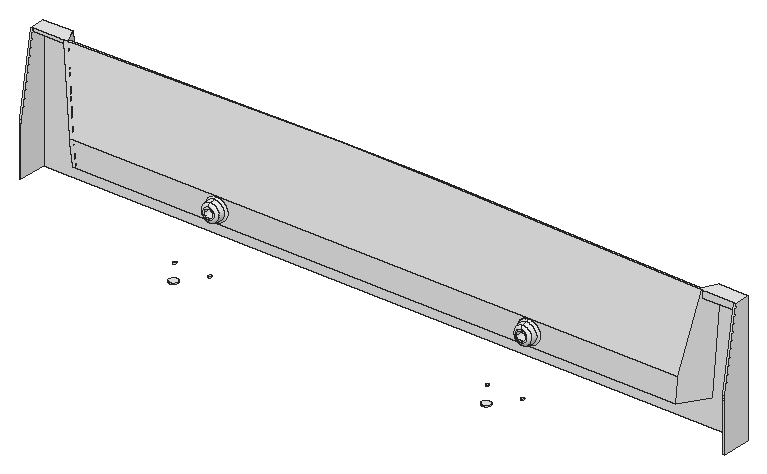
Revit family "Plumbing-Sink-Sloan-Valve-ELA-84000", category Plumbing Fixtures, host Face, Revit 2019
Family settings
  Host = Face
  Round Connector Dimension = Use Diameter
  Part Type = Normal
  OmniClass Number = 23.45.05.14.14
  OmniClass Title = Sinks/Lavatories
  Cut with Voids When Loaded = No
  Shared = No
  Room Calculation Point = No
Parameters (values of type "ELA-84000")
  Width = 120.00"  # constant formula
  Water Flow = 0.0 GPM
  Waste Connection = yes
  WFU = 2
  Vent Connection = no
  Valve Pressure Drop = 0.0 Pa
  URL = "www.sloanvalve.com"
  Sanitary Drain Connection Diameter = 1.50"
  Product data url = "https://bimobject.com/sloan_valve/product/sinks_sloanstone_ela-84000"
  Product Material = Sloan - SloanStone - White (WH)
  Product Guid = ""
  Part Number = ""
  Model = "ELA-84000"
  Manufacturer = "Sloan Valve"  # constant formula
  Keynote = "10000"
  Hot Water Connection Diameter = 0.50"
  Height = 5.00"  # constant formula
  HWFU = 1.5
  HW Connection = yes
  z_Elevation [instance] = 34.00"  # constant formula
  Edition number = 1
  Description = "SloanStone® 4-Station Wall-Mounted Arrowhead Sink."
  Depth = 23.00"  # constant formula
  Default Elevation = 0.00"  # constant formula
  Cold Water Connection Diameter = 0.50"
  CWFU = 1.5
  CW Connection = yes
  Assembly Code = "D2010400"
  ADA Compliant = 1 = 1  # yes
Reference planes (in)
  plane 1 "Center (Front/Back)": y = 0
  plane 2: z = 0
  plane 3 "Center (Left/Right)": x = 0
  plane 4: y = -14
  plane 5: y = -34
  plane 6: x = -45
  plane 7: z = 2.125
  plane 8: x = -15
  plane 9: z = 2.125
  plane 10: x = 15
  plane 11: z = 2.125
  plane 12: x = 45.01004
  plane 13: z = 2.125
  plane 14: x = -60
  plane 15: x = 60
  plane 16: z = 23
Forms (in)
  Extrusion 1, solid, not visible
    sketch origin (0, 0, 0) x (1, 0, 0) y (0, 1, 0)
      loop
        circle (-26.62109, -14) r 0.75
      loop
        circle (-23.62109, -10) r 0.25
      loop
        circle (-29.62109, -10) r 0.25
      loop
        circle (26.62109, -14) r 0.75
      loop
        circle (23.62109, -10) r 0.25
      loop
        circle (29.62109, -10) r 0.25
    from 0 to 0.50971
Dimensions and locks (in)
  plane 4 to plane 1 "Center (Front/Back)" = 14.00"
  "z_Elevation": plane 5 to plane 1 "Center (Front/Back)"
  aligned and locked: host face to plane 2
  aligned and locked: host face to level
  aligned and locked: plane 3 "Center (Left/Right)" to nested 1
  aligned and locked: plane 1 "Center (Front/Back)" to nested 1
Automatic sketch dimensions
  host sketch curve to host sketch curve = 135.2284"
  host sketch curve to host sketch curve = 96.00"
  Extrusion 1 sketch curve to plane 4 = 0.00"
  plane 4 to Extrusion 1 sketch curve = 0.00"
  plane 4 to Extrusion 1 sketch curve = 4.00"  (x4)
  Extrusion 1 sketch curve to plane 8 = 14.62109"
  Extrusion 1 sketch curve to Extrusion 1 sketch curve = 3.00"  (x4)
  plane 10 to Extrusion 1 sketch curve = 8.62109"
  radius of Extrusion 1 sketch curve = 0.75"  (x2)
  radius of Extrusion 1 sketch curve = 0.25"  (x4)
Nested families (in)
  nested 1: "Geometry" at (0, 0, 0), type "Geometry"
Connectors (in)
  piping at (-26.62109, -14, 0), diameter 1.5, driven by "WFU", driven by "Sanitary Drain Connection Diameter"
    settings: on Extrusion 1, index 2, connector inside diameter 24.00", connector length 0.00", flow factor 0, pipe flow 0.0 GPM, pressure drop 0.0 Pa, fitting loss kfactor 0, connector angle 0.00°, fixture units 2, engagement length 0.00", angle of deflection 0.00°, flow configuration 3, flow direction 2, fitting loss method 0, system type 16, joint type 0, gender type 0, connector reference index -1, connector utility 0, adjustable connector no, is connector primary yes, connector description "Sanitary Drain Connection 1"
  piping at (-23.62109, -10, 0), diameter 0.5, driven by "Cold Water Connection Diameter", driven by "Valve Pressure Drop"
    settings: on Extrusion 1, index 3, connector inside diameter 24.00", connector length 0.00", flow factor 0, pipe flow 0.0 GPM, pressure drop 0.0 Pa, fitting loss kfactor 0, connector angle 0.00°, fixture units 1.5, engagement length 0.00", angle of deflection 0.00°, flow configuration 3, flow direction 1, fitting loss method 0, system type 20, joint type 0, gender type 0, connector reference index -1, connector utility 0, adjustable connector no, is connector primary no, connector description "Cold Water Connection 1"
  piping at (-29.62109, -10, 0), diameter 0.5, driven by "Valve Pressure Drop", driven by "Hot Water Connection Diameter"
    settings: on Extrusion 1, index 4, connector inside diameter 24.00", connector length 0.00", flow factor 0, pipe flow 0.0 GPM, pressure drop 0.0 Pa, fitting loss kfactor 0, connector angle 0.00°, fixture units 1.5, engagement length 0.00", angle of deflection 0.00°, flow configuration 3, flow direction 1, fitting loss method 0, system type 19, joint type 0, gender type 0, connector reference index -1, connector utility 0, adjustable connector no, is connector primary no, connector description "Hot Water Connection 1"
  piping at (26.62109, -14, 0), diameter 1.5, driven by "Sanitary Drain Connection Diameter", driven by "WFU"
    settings: on Extrusion 1, index 7, connector inside diameter 24.00", connector length 0.00", flow factor 0, pipe flow 0.0 GPM, pressure drop 0.0 Pa, fitting loss kfactor 0, connector angle 0.00°, fixture units 2, engagement length 0.00", angle of deflection 0.00°, flow configuration 3, flow direction 2, fitting loss method 0, system type 16, joint type 0, gender type 0, connector reference index -1, connector utility 0, adjustable connector no, is connector primary no, connector description "Sanitary Drain Connection 2"
  piping at (23.62109, -10, 0), diameter 0.5, driven by "Hot Water Connection Diameter", driven by "Valve Pressure Drop"
    settings: on Extrusion 1, index 8, connector inside diameter 24.00", connector length 0.00", flow factor 0, pipe flow 0.0 GPM, pressure drop 0.0 Pa, fitting loss kfactor 0, connector angle 0.00°, fixture units 1.5, engagement length 0.00", angle of deflection 0.00°, flow configuration 3, flow direction 1, fitting loss method 0, system type 19, joint type 0, gender type 0, connector reference index -1, connector utility 0, adjustable connector no, is connector primary no, connector description "Hot Water Connection 2"
  piping at (29.62109, -10, 0), diameter 0.5, driven by "Cold Water Connection Diameter", driven by "Valve Pressure Drop"
    settings: on Extrusion 1, index 9, connector inside diameter 24.00", connector length 0.00", flow factor 0, pipe flow 0.0 GPM, pressure drop 0.0 Pa, fitting loss kfactor 0, connector angle 0.00°, fixture units 1.5, engagement length 0.00", angle of deflection 0.00°, flow configuration 3, flow direction 1, fitting loss method 0, system type 20, joint type 0, gender type 0, connector reference index -1, connector utility 0, adjustable connector no, is connector primary no, connector description "Cold Water Connection 2"
Definition of nested family "Geometry"
  Parameters (values of type "Geometry")
    URL = ""
    Type Comments = ""
    Model = ""
    Manufacturer = ""
    Product Material = none
    Description = ""
    Default Elevation = 34.00"
    Assembly Code = ""
  Reference planes (in)
    plane 1 "Center (Front/Back)": y = 0
    plane 2: z = 0
    plane 3 "Center (Left/Right)": x = 0
    plane 4: x = -60
    plane 5: x = 60
    plane 6: z = 23
    plane 7: z = 22
    plane 8: y = -6.5
    plane 9: y = -5
    plane 10: x = -55
    plane 11: x = 55
    plane 12: z = 2.125
    plane 13: z = 5
    plane 14: through (-49.65271, -12.00282, 48) normal (-0.8887, -0.4585, 0)
    plane 15: through (-45.07234, -16.51927, 48) normal (-0.8887, -0.4585, 0)
    plane 16: through (47.65517, -15.62252, 48) normal (-0.8887, 0.4584, 0)
    plane 17: through (47.07458, -12.38513, 48) normal (-0.8887, 0.4584, 0)
    plane 18: x = 15
    plane 19: x = -15
    plane 20: through (-51.66646, -8.09925, 48) normal (0.8887, 0.4585, 0)
    plane 21: through (-60.72613, -10.62429, 48) normal (0.8887, 0.4585, 0)
    plane 22: through (-50.04224, -6.88535, 48) normal (0.8887, 0.4585, 0)
    plane 23: through (52.35128, -6.51757, 48) normal (0.8887, -0.4584, 0)
    plane 24: through (58.79459, 10.33797, 48) normal (0.8887, -0.4584, 0)
    plane 25: through (70.1881, 6.18225, 48) normal (0.8887, -0.4584, 0)
    plane 26: through (-55.81826, -6.59475, 48) normal (0.8887, 0.4585, 0)
    plane 27: through (-55.81826, -6.59475, 48) normal (0.8887, 0.4585, 0)
    plane 28: through (64.47782, 10.44914, 48) normal (0.8887, -0.4584, 0)
    plane 29: z = 7
    plane 30: x = 45
    plane 31: x = -45
    plane 32: x = 26.62109
    plane 33: x = -26.62109
    plane 34: y = -15
    plane 35: y = -16.25
    plane 36: z = 0.03125
    plane 37: x = 47
    plane 38: x = 43
    plane 39: x = 17
    plane 40: x = 13
    plane 41: x = -13
    plane 42: x = -17
    plane 43: x = -43
    plane 44: x = -47
    plane 45: x = -2
    plane 46: x = 2
    plane 47: x = 45.01004
    plane 48: x = -45
    plane 49: x = -15
    plane 50: x = 15
    plane 51: x = 0
    plane 52: x = 52.12967
    plane 53: x = -52.1818
    plane 54: x = 26.62109
    plane 55: x = -26.62109
    plane 56: x = -30
    plane 57: x = 30
    plane 58: y = -34
  Forms (in)
    Extrusion 1, solid
      sketch origin (0, 0, 0) x (1, 0, 0) y (0, 1, 0)
        loop
          line (-82, 48) -> (-82, -48) -> (80.23655, -48) -> (80.23655, 48) -> (-82, 48)
      from 0 to -12
    Sweep 2, solid, material <- "Product Material"
      path origin (-107.81743, 24.09789, 0) x (1, 0, 0) y (0, 1, 0)
        loop
          line (167.81743, -29.09789) -> (167.81743, -24.09789) -> (47.81743, -24.09789) -> (47.81743, -29.09789)
      profile origin (-60, -2.5, 0) x (1, 0, 0) y (0, 0, 1)
        loop
          line (0, 0) -> (0.25, 0) -> (0.25, 23) -> (0, 23) -> (0, 0)
    Extrusion 3, solid, material <- "Product Material"
      sketch origin (20.13409, 45.78834, -27.3788) x (0, 1, 0) y (0, 0, 1)
        loop
          line (-45.78834, 31.93547) -> (-45.78834, 32.3788) -> (-50.4495, 32.3788) -> (-50.4495, 36.3788) -> (-48.00422, 50.24668) -> (-48.25422, 50.24668) -> (-50.6995, 36.3788) -> (-50.6995, 32.18899) -> (-45.78834, 31.93547)
      from -75.13409 to 34.86591
    Blend 4, solid, material <- "Product Material"
      base sketch origin (20.65328, 0, 0) x (-1, 0, 0) y (0, -1, 0)
        loop
          line (73.68224, 0) -> (74.2475, 0) -> (71.71395, 4.91115) -> (71.1487, 4.91115) -> (73.68224, 0)
      top sketch origin (20.65328, 0, 0) x (-1, 0, 0) y (0, -1, 0)
        loop
          line (75.81138, 0) -> (76.49794, 0) -> (73.9644, 4.91115) -> (73.26775, 4.91115) -> (75.81138, 0)
      from 4.55667 to 23
    Blend 5, void
      base sketch origin (20.08943, 0, 0) x (-1, 0, 0) y (0, -1, 0)
        loop
          line (73.68365, 0) -> (79.30976, 0) -> (76.77622, 4.91115) -> (71.15011, 4.91115) -> (73.68365, 0)
      top sketch origin (20.08943, 0, 0) x (-1, 0, 0) y (0, -1, 0)
        loop
          line (75.9341, 0) -> (79.30976, 0) -> (76.77622, 4.91115) -> (73.40055, 4.91115) -> (75.9341, 0)
      from 4.55667 to 23
    Blend 6, solid, material <- "Product Material"
      base sketch origin (-47.52828, 0, 0) x (1, 0, 0) y (0, 1, 0)
        loop
          line (100.9908, 0) -> (98.45775, -4.91115) -> (99.19287, -4.91115) -> (101.72592, 0) -> (100.9908, 0)
      top sketch origin (-47.52828, 0, 0) x (1, 0, 0) y (0, 1, 0)
        loop
          line (102.67808, 0) -> (100.14502, -4.91115) -> (100.70811, -4.91115) -> (103.24116, 0) -> (102.67808, 0)
      from 4.55667 to 23
    Blend 7, void
      base sketch origin (-20.08943, 0, 0) x (1, 0, 0) y (0, 1, 0)
        loop
          line (73.55196, 0) -> (71.01891, -4.91115) -> (76.64479, -4.91115) -> (79.17784, 0) -> (73.55196, 0)
      top sketch origin (-20.08943, 0, 0) x (1, 0, 0) y (0, 1, 0)
        loop
          line (75.80231, 0) -> (73.26926, -4.91115) -> (76.64479, -4.91115) -> (79.17784, 0) -> (75.80231, 0)
      from 4.55667 to 23
    Extrusion 8, void
      sketch origin (0, 0, 0) x (0, 1, 0) y (0, 0, 1)
        loop
          line (-2.25626, 24.05667) -> (-5.41115, 24.05667) -> (-5.41115, 8.17817) -> (-5.2433, 8.17817)
          arc (-5.2433, 8.17817) -> (-5.00844, 8.27546) -> (-4.91115, 8.51032) r 0.33214
          line (-4.91115, 8.51032) -> (-4.91115, 9) -> (-2.25626, 24.05667)
      from -60 to 60
    Extrusion 9, void
      sketch origin (0, 0, 0) x (0, 1, 0) y (0, 0, 1)
        loop
          line (-0.25, 2.39952) -> (-0.25, 4.56958) -> (-5, 4.81478) -> (-5, 2.39952) -> (-0.25, 2.39952)
      from -55 to 55
    Extrusion 10, void
      sketch origin (0, 0, 0) x (1, 0, 0) y (0, 0, 1)
        loop
          line (60, 22) -> (60, 24) -> (-60, 24) -> (-60, 22) -> (0, 23) -> (60, 22)
      from 0 to 5
    Extrusion 11, solid, material <- "Product Material"
      sketch origin (0, 0, 0) x (1, 0, 0) y (0, 1, 0)
        loop
          line (-59.75, -0.25) -> (-59.75, -2.58158) -> (-54.13446, -2.58158) -> (-55.33456, -0.25) -> (-59.75, -0.25)
      from 21.54991 to 22.86788
    Extrusion 12, solid, material <- "Product Material"
      sketch origin (0, 0, 0) x (1, 0, 0) y (0, 1, 0)
        loop
          line (55.43663, 0) -> (54.10791, -2.58145) -> (60, -2.58145) -> (60, 0) -> (55.43663, 0)
      from 20.91146 to 22.86788
    Extrusion 13, void
      sketch origin (0, 0, 0) x (1, 0, 0) y (0, 0, 1)
        loop
          line (53.53321, 5) -> (55.36016, 23) -> (-55.2732, 23) -> (-53.14159, 5) -> (53.53321, 5)
      from 0 to 0.25
    Revolve 14, solid, material <- "Product Material"
      sketch origin (-26.62109, 0.08885, -12) x (0, 0, -1) y (0, 1, 0)
        loop
          line (-19, -6.58885) -> (-19, -5) -> (-20.94175, -5)
          arc (-20.94175, -5) -> (-20.72777, -5.14237) -> (-20.61731, -5.37444) r 0.48228
          line (-20.61731, -5.37444) -> (-20.46879, -6.21673)
          arc (-20.46879, -6.21673) -> (-20.31478, -6.48349) -> (-20.02532, -6.58885) r 0.45031
          line (-20.02532, -6.58885) -> (-19, -6.58885)
        axis (-19, -5) -> (-19, -6.58885)
      angle from 0 to 360
    Revolve 15, solid, material <- "Product Material"
      sketch origin (26.62109, 0.08885, -12) x (0, 0, -1) y (0, 1, 0)
        loop
          line (-19, -6.58885) -> (-19, -5) -> (-20.94175, -5)
          arc (-20.94175, -5) -> (-20.72777, -5.14237) -> (-20.61731, -5.37444) r 0.48228
          line (-20.61731, -5.37444) -> (-20.46879, -6.21673)
          arc (-20.46879, -6.21673) -> (-20.31478, -6.48349) -> (-20.02532, -6.58885) r 0.45031
          line (-20.02532, -6.58885) -> (-19, -6.58885)
        axis (-19, -5) -> (-19, -6.58885)
      angle from 0 to 360
    Extrusion 16, void
      sketch origin (0.06417, -0.91761, 0) x (1, 0, 0) y (0, 0, 1)
        loop
          circle (26.55693, 7) r 0.75
      from 5.63372 to 3.74354
    Extrusion 17, void
      sketch origin (-53.24219, -1.75, 0) x (1, 0, 0) y (0, 0, 1)
        loop
          circle (26.62109, 7) r 0.75
      from 2.91115 to 4.75
    Extrusion 18, solid, material <- "Product Material"
      sketch origin (0, 0, 0) x (1, 0, 0) y (0, 1, 0)
        loop
          circle (-26.62109, -14) r 0.75
        loop
          circle (-23.62109, -10) r 0.25
        loop
          circle (-29.62109, -10) r 0.25
        loop
          circle (26.62109, -14) r 0.75
        loop
          circle (23.62109, -10) r 0.25
        loop
          circle (29.62109, -10) r 0.25
      from 0 to 0.06749
  Cuts and joins
    Extrusion 8, Extrusion 9, Extrusion 10, Extrusion 13, Extrusion 17 cuts Sweep 2
    Blend 5, Blend 7, Extrusion 8, Extrusion 9, Extrusion 10, Extrusion 13, Extrusion 16, Extrusion 17 cuts Extrusion 3
    Blend 7, Extrusion 8, Extrusion 9, Extrusion 10, Extrusion 17 cuts Blend 4
    Extrusion 8, Extrusion 9, Extrusion 10, Extrusion 17 cuts Blend 6
    Extrusion 10, Extrusion 13, Extrusion 17 cuts Extrusion 11
    Extrusion 10, Extrusion 13, Extrusion 17 cuts Extrusion 12
    joined: Sweep 2, Extrusion 3, Blend 4, Blend 6, Extrusion 11, Extrusion 12
    Extrusion 16 cuts Revolve 15
    Extrusion 17 cuts Revolve 14
  Lines and regions (in)
    Masking region 1
      outline origin (0, 0, 0) x (1, 0, 0) y (0, 0, 1)
        loop
          line (60, 0) -> (60, 22) -> (7.92709, 22.86788) -> (-7.92709, 22.86788) -> (-60, 22) -> (-60, 0) -> (60, 0)
    symbolic lines, detail levels medium+fine
      curve 1: line (53.50308, 0, 5) -> (-53.08014, 0, 5)
      curve 2: line (-51.13612, 0, 9) -> (51.46491, 0, 9)
      curve 3: line (-51.13612, 0, 9) -> (-50.67545, 0, 5)
      curve 4: line (51.46491, 0, 9) -> (51.09897, 0, 5)
      curve 11: line (53.50308, 0, 5) -> (55.06583, 0, 22.08224)
      curve 12: line (53.85517, 0, 22.10241) -> (51.46491, 0, 9)
      curve 13: line (-53.08014, 0, 5) -> (-55.05218, 0, 22.08246)
      curve 14: line (-53.83721, 0, 22.10271) -> (-51.13503, 0, 9)
    symbolic lines, detail levels fine
      curve 5: circle (45.01004, 0, 2.125) r 0.5625 normal (0, -1, 0)
      curve 6: circle (-45, 0, 2.125) r 0.5625 normal (0, -1, 0)
      curve 7: circle (15, 0, 2.125) r 0.5625 normal (0, -1, 0)
      curve 8: circle (26.62109, 0, 7) r 0.75 normal (0, -1, 0)
      curve 9: circle (-26.62109, 0, 7) r 0.75 normal (0, -1, 0)
      curve 10: circle (-15, 0, 2.125) r 0.5625 normal (0, -1, 0)
  Dimensions and locks (in)
    locked: Sweep 2 sketch curve to Sweep 2 sketch curve at 23
    equal spacing: plane 4, plane 3 "Center (Left/Right)", plane 5
    plane 4 to plane 5 = 120.00"
    locked: plane 4 to plane 10 at 5
    locked: plane 11 to plane 5 at 5
    locked: Sweep 2 to Extrusion 3 at 4.91115
    locked: Sweep 2 sketch curve to Sweep 2 sketch curve at 0.25
    plane 9 to plane 1 "Center (Front/Back)" = 5.00"
    plane 8 to plane 1 "Center (Front/Back)" = 6.50"
    Extrusion 10 sketch curve to Extrusion 10 sketch curve = 2.00"  (x2)
    plane 20 to plane 21 = 9.20909"
    locked: Blend 4 sketch curve to Blend 4 sketch curve at 0.68656
    locked: Blend 4 sketch curve to Blend 4 sketch curve at 0.50235
    locked: plane 22 to plane 20 at 2
    locked: Blend 6 sketch curve to Blend 6 sketch curve at 0.56308
    locked: plane 23 to plane 24 at 2
    plane 25 to plane 23 = 10.03093"
    locked: Blend 6 sketch curve to Blend 6 sketch curve at 0.65333
    locked: plane 20 to plane 26 at 3
    locked: plane 20 to plane 27 at 3
    locked: plane 28 to plane 23 at 3
    locked: plane 34 to plane 9 at 10
    locked: plane 35 to plane 9 at 11.25
    locked: plane 36 to Extrusion 1 at 0.03125
    plane 18 to plane 3 "Center (Left/Right)" = 15.00"  (x2)
    plane 30 to plane 3 "Center (Left/Right)" = 45.00"
    plane 3 "Center (Left/Right)" to plane 19 = 15.00"  (x2)
    plane 3 "Center (Left/Right)" to plane 31 = 45.00"
    plane 32 to plane 3 "Center (Left/Right)" = 26.62109"
    plane 3 "Center (Left/Right)" to plane 33 = 26.62109"
    locked: Extrusion 1 to plane 6 at 23
    locked: plane 8 to plane 1 "Center (Front/Back)" at 6.5
    locked: plane 37 to plane 47 at 1.98996
    locked: plane 44 to plane 48 at 2
    locked: plane 42 to plane 49 at 2
    locked: plane 50 to plane 39 at 2
    locked: plane 51 to plane 46 at 2
    plane 54 to plane 52 = 25.50858"
    plane 55 to plane 53 = 25.5607"
    locked: plane 53 to plane 56 at 22.1818
    locked: plane 57 to plane 52 at 22.12967
    plane 58 to Extrusion 18 sketch curve = 20.00"
    plane 58 to Extrusion 18 sketch curve = 24.00"  (x2)
    angle Extrusion 3 sketch curve to Extrusion 3 sketch curve = 10.00°
    aligned and locked: Extrusion 1 to plane 2
    aligned and locked: Extrusion 1 to level
    aligned and locked: Sweep 2 sketch curve to plane 4
    aligned and locked: Sweep 2 sketch curve to plane 1 "Center (Front/Back)"
    aligned and locked: Sweep 2 sketch curve to plane 5
    aligned and locked: plane 11 to Extrusion 3
    aligned and locked: Extrusion 3 to plane 10
    aligned and locked: Blend 4 sketch curve to plane 14
    aligned and locked: plane 15 to Blend 4 sketch curve
    aligned and locked: Sweep 2 to Blend 5
    aligned and locked: Sweep 2 to Blend 4
    aligned and locked: Blend 5 to Extrusion 3
    aligned and locked: Extrusion 3 to Blend 4
    aligned and locked: Blend 6 sketch curve to plane 16
    aligned and locked: Blend 6 sketch curve to plane 17
    aligned and locked: Sweep 2 to Blend 6
    aligned and locked: Extrusion 8 to plane 4
    aligned and locked: plane 5 to Extrusion 8
    aligned and locked: Extrusion 9 sketch curve to cut or joined group 1 (Sweep 2, Extrusion 3, Blend 4, Blend 5, Blend 6, Blend 7, Extrusion 8, Extrusion 9, Extrusion 10, Extrusion 11, Extrusion 12, Extrusion 13, Extrusion 16, Extrusion 17)  (x2)
    aligned and locked: plane 9 to Extrusion 9 sketch curve
    aligned and locked: Extrusion 3 to Extrusion 9
    aligned and locked: Extrusion 9 to Extrusion 3
    aligned and locked: Extrusion 10 sketch curve to plane 5
    aligned and locked: plane 4 to Extrusion 10 sketch curve
    aligned and locked: plane 3 "Center (Left/Right)" to Extrusion 10 sketch curve
    aligned and locked: Extrusion 10 to Sweep 2  (x2)
    aligned and locked: cut or joined group 1 to Extrusion 11
    aligned and locked: Extrusion 12 to cut or joined group 1
    aligned and locked: cut or joined group 1 to Extrusion 12
    aligned and locked: Extrusion 12 to plane 1 "Center (Front/Back)"
    aligned and locked: plane 6 to Extrusion 13 sketch curve
    aligned and locked: Sweep 2 to Extrusion 13
    aligned and locked: plane 20 to plane 14
    aligned and locked: plane 22 to plane 15
    aligned and locked: plane 16 to plane 23
    aligned and locked: plane 17 to plane 24
    aligned and locked: Blend 5 sketch curve to plane 20
    aligned and locked: plane 26 to Blend 5 sketch curve
    aligned and locked: Blend 5 sketch curve to plane 22
    aligned and locked: plane 27 to Blend 5 sketch curve
    aligned and locked: Blend 7 sketch curve to plane 23
    aligned and locked: Blend 7 sketch curve to plane 24
    aligned and locked: Blend 7 sketch curve to var sketch
    aligned and locked: Extrusion 3 to Extrusion 17
    aligned and locked: cut or joined group of Revolve 14, Extrusion 17 to Extrusion 17
    aligned and locked: cut or joined group 1 to Extrusion 16
    aligned and locked: plane 32 to Extrusion 16 sketch curve
    aligned and locked: plane 29 to Extrusion 16 sketch curve
    aligned and locked: plane 33 to Extrusion 17 sketch curve
    aligned and locked: plane 29 to Extrusion 17 sketch curve
    aligned and locked: curve 1 to cut or joined group 1
    aligned and locked: curve 2 to cut or joined group 1
    aligned and locked: curve 3 to cut or joined group 1
    aligned and locked: curve 4 to cut or joined group 1
    aligned and locked: Masking region 1 sketch curve to cut or joined group 1  (x5)
    aligned and locked: Extrusion 1 to Masking region 1 sketch curve
    aligned and locked: plane 47 to curve 5
    aligned and locked: plane 48 to curve 6
    aligned and locked: plane 50 to curve 7
    aligned and locked: plane 54 to curve 8
    aligned and locked: plane 55 to curve 9
    aligned and locked: plane 49 to curve 10
    aligned and locked: curve 11 to cut or joined group 1
    aligned and locked: cut or joined group 1 to curve 12
    aligned and locked: curve 13 to cut or joined group 1
  Automatic sketch dimensions
    Extrusion 1 sketch curve to Extrusion 1 sketch curve = 162.23655"
    Extrusion 1 sketch curve to Extrusion 1 sketch curve = 96.00"
    plane 9 to Sweep 2 sketch curve = 0.00"  (x2)
    profile plane to Sweep 2 sketch curve = 0.00"
    Sweep 2 sketch curve to profile plane = 0.00"
    Extrusion 3 sketch curve to plane 13 = 0.00"
    Extrusion 3 sketch curve to plane 1 "Center (Front/Back)" = 0.00"
    Extrusion 3 sketch curve to plane 6 = 0.13212"
    plane 1 "Center (Front/Back)" to Extrusion 3 sketch curve = 2.21587"
    Extrusion 3 sketch curve to Extrusion 3 sketch curve = 0.25"
    plane 1 "Center (Front/Back)" to Extrusion 3 sketch curve = 4.66115"
    Extrusion 3 sketch curve to plane 9 = 0.08885"
    Extrusion 3 sketch curve to plane 13 = 0.1898"
    Extrusion 3 sketch curve to plane 13 = 0.44333"
    Extrusion 3 sketch curve to Extrusion 3 sketch curve = 0.00"
    plane 1 "Center (Front/Back)" to Blend 4 sketch curve = 0.00"  (x2)
    plane 9 to Blend 4 sketch curve = 0.08885"  (x2)
    Blend 4 sketch curve to Blend 4 sketch curve = 0.69665"
    plane 1 "Center (Front/Back)" to Blend 5 sketch curve = 0.00"  (x2)
    plane 9 to Blend 5 sketch curve = 0.08885"  (x2)
    plane 1 "Center (Front/Back)" to Blend 6 sketch curve = 0.00"  (x2)
    Blend 6 sketch curve to plane 9 = 0.08885"  (x2)
    Blend 6 sketch curve to Blend 6 sketch curve = 0.56308"
    plane 1 "Center (Front/Back)" to Blend 7 sketch curve = 0.00"  (x2)
    Blend 7 sketch curve to plane 9 = 0.08885"  (x2)
    plane 28 to Blend 7 sketch curve = 0.00"  (x2)
    plane 9 to Extrusion 8 sketch curve = 0.41115"
    Extrusion 8 sketch curve to Extrusion 8 sketch curve = 0.16786"
    Extrusion 8 sketch curve to plane 9 = 0.08885"
    plane 6 to Extrusion 8 sketch curve = 1.05667"
    plane 1 "Center (Front/Back)" to Extrusion 8 sketch curve = 2.25626"
    plane 29 to Extrusion 8 sketch curve = 2.00"
    Extrusion 8 sketch curve to Extrusion 8 sketch curve = 0.48968"
    plane 12 to Extrusion 9 sketch curve = 0.27452"
    Extrusion 10 sketch curve to plane 7 = 0.00"
    Extrusion 10 sketch curve to plane 6 = 0.00"
    plane 4 to Extrusion 11 sketch curve = 0.25"
    Extrusion 11 sketch curve to plane 10 = 0.33456"
    plane 10 to Extrusion 11 sketch curve = 0.86554"
    Extrusion 11 sketch curve to plane 9 = 2.41842"
    plane 1 "Center (Front/Back)" to Extrusion 11 sketch curve = 0.25"
    plane 1 "Center (Front/Back)" to Extrusion 12 sketch curve = 0.00"
    Extrusion 12 sketch curve to plane 5 = 0.00"
    plane 11 to Extrusion 12 sketch curve = 0.43663"
    Extrusion 12 sketch curve to plane 11 = 0.89209"
    Extrusion 12 sketch curve to plane 9 = 2.41855"
    Extrusion 13 sketch curve to plane 13 = 0.00"
    Extrusion 13 sketch curve to plane 10 = 0.2732"
    plane 10 to Extrusion 13 sketch curve = 1.85841"
    Extrusion 13 sketch curve to plane 11 = 1.46679"
    plane 11 to Extrusion 13 sketch curve = 0.36016"
    Revolve 14 sketch curve to plane 8 = 0.00"
    Revolve 14 sketch curve to plane 29 = 0.00"  (x2)
    Revolve 14 sketch curve to plane 8 = 0.45031"
    plane 29 to Revolve 14 sketch curve = 1.02532"
    Revolve 14 sketch curve to plane 8 = 0.37212"
    plane 9 to Revolve 14 sketch curve = 0.2856"
    Revolve 14 sketch curve to Revolve 14 sketch curve = 0.14852"
    Revolve 14 sketch curve to plane 9 = 0.08885"
    Revolve 14 sketch curve to Revolve 14 sketch curve = 0.32444"
    plane 9 to Revolve 14 sketch curve = 0.36934"
    plane 8 to Revolve 14 sketch curve = 0.07948"
    Revolve 14 sketch curve to Revolve 14 sketch curve = 0.15231"
    Revolve 15 sketch curve to plane 8 = 0.00"
    Revolve 15 sketch curve to plane 29 = 0.00"  (x2)
    Revolve 15 sketch curve to plane 8 = 0.45031"
    plane 29 to Revolve 15 sketch curve = 1.02532"
    Revolve 15 sketch curve to plane 8 = 0.37212"
    plane 9 to Revolve 15 sketch curve = 0.2856"
    Revolve 15 sketch curve to Revolve 15 sketch curve = 0.14852"
    Revolve 15 sketch curve to plane 9 = 0.08885"
    Revolve 15 sketch curve to Revolve 15 sketch curve = 0.32444"
    plane 9 to Revolve 15 sketch curve = 0.36934"
    plane 8 to Revolve 15 sketch curve = 0.07948"
    Revolve 15 sketch curve to Revolve 15 sketch curve = 0.15231"
    curve 7 to plane 12 = 0.00"
    curve 6 to plane 12 = 0.00"
    curve 10 to plane 12 = 0.00"
    curve 5 to plane 12 = 0.00"
    curve 8 to plane 29 = 0.00"
    curve 9 to plane 29 = 0.00"
    curve 13 to plane 10 = 0.05218"
    curve 14 to plane 7 = 0.10271"
    plane 10 to curve 14 = 1.16279"
    curve 2 to curve 14 = 0.00109"
    curve 12 to plane 7 = 0.10241"
    plane 11 to curve 11 = 0.06583"
    curve 14 to curve 2 = 0.00"
    Extrusion 18 sketch curve to plane 33 = 0.00"
    Extrusion 18 sketch curve to plane 32 = 0.00"
    Extrusion 18 sketch curve to plane 56 = 0.37891"
    plane 33 to Extrusion 18 sketch curve = 3.00"
    Extrusion 18 sketch curve to plane 32 = 3.00"
    plane 57 to Extrusion 18 sketch curve = 0.37891"
    Extrusion 18 sketch curve to plane 34 = 1.00"
    plane 8 to Extrusion 18 sketch curve = 3.50"  (x2)
    radius of Extrusion 16 sketch curve = 0.75"
    radius of Extrusion 17 sketch curve = 0.75"
    radius of curve 5 = 0.5625"
    radius of curve 6 = 0.5625"
    radius of curve 7 = 0.5625"
    radius of curve 8 = 0.75"
    radius of curve 9 = 0.75"
    radius of curve 10 = 0.5625"
    radius of Extrusion 18 sketch curve = 0.75"  (x2)
    radius of Extrusion 18 sketch curve = 0.25"  (x4)
